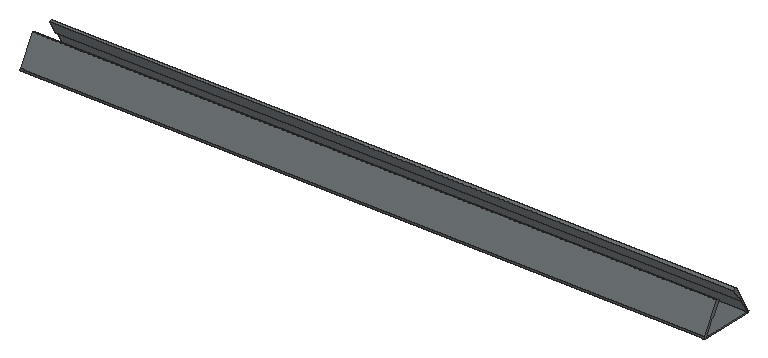
Revit family "BIMLIB_ПланкаСтыковочнаяСоставнаяНижняя_GRANDLINE", category Обобщенные модели, Revit 2017
Family settings
  Может служить основой для арматурных стержней = Нет
  Размер круглого соединителя = Использовать диаметр
  Тип детали = Нормальный
  При загрузке вырезать с полостями = Нет
  Общий = Нет
  Точка расчета площади = Нет
Parameters (values of type "Планка стыковочная")
  Смещение от плоскости [instance] = 0 mm
  Описание = ADSK_Наименование  # "Планка стыковочная составная нижняя"
  Изготовитель = "Grand Line"  # constant formula
  built-in parameter 1001306 [instance] = 500 mm
  Watermark [instance] = "Модели защищены уникальным кодом"
  URL = "https://www.grandline.ru"
  BL_Разработано = "support@bimlib.pro"
  BL_Email = "info@grandline.ru"
  BL_BIM library = "https://bimlib.pro/manufacturer/company/22430"
  ADSK_Размер_Длина [instance] = [built-in parameter 1001306]  # 500 mm
  ADSK_Обозначение = "ГОСТ 19904-90, ГОСТ 14918-80"
  ADSK_Наименование = "Планка стыковочная составная нижняя"
  ADSK_Материал тип подсчета = 1  # constant formula
  ADSK_Материал = GL_Drap_RAL7016
  ADSK_Масса_Текст [instance] = ""
  ADSK_Масса [instance] = 0
  ADSK_Марка = ""
  ADSK_Количество [instance] = if(ADSK_Материал тип подсчета = 0, 1, if(ADSK_Материал тип подсчета = 1, ADSK_Размер_Длина / 1000 mm, 0))  # 0.5
  ADSK_Код изделия = "M12.108.02"  # constant formula
  ADSK_Завод-изготовитель = "Grand Line"  # constant formula
  ADSK_Единица измерения = "м"  # constant formula
  ADSK_Группирование = "Доборные элементы"  # constant formula
  ADSK_Версия Revit = "2017"  # constant formula
  ADSK_URL страницы изделия = "https://www.grandline.ru/planka-stykovochnaya-sostavnaya-nizhnyaya-0-45-pe-foil-ral-1014-60917.html"
  ADSK_URL документации изделия = "https://www.grandline.ru/uploads/files/met_siding/BH/dobor/Planka_stikovochnaya_nizhnaya.jpg"
Reference planes
  plane 1 "По центру (Вперед/Назад)": y = 0
  plane 2: z = 0
  plane 3 "Слева": x = 0
  plane 4 "Справа": x = 500
Forms (mm)
  Sweep 1, solid, material "GL_Drap_RAL7016" <- "ADSK_Материал"
    path in 3D
      loop
        line (0, 0, 0) -> (500, 0, 0)
    profile "Профиль_ПланкаСтыковочнаяСоставнаяНижняя : Профиль" origin (250, 0, 0) x (0, 1, 0) y (0, 0, 1)
      loop
        arc (19.193, 0) -> (19.892, 0.404) -> (19.892, 1.211) r 0.807
        line (19.892, 1.211) -> (8.591, 20.785) -> (7.205, 19.985) -> (12.705, 10.458) -> (13.398, 10.858) -> (19.205, 0.8) -> (-19.205, 0.8) -> (-13.398, 10.858) -> (-12.705, 10.458) -> (-7.205, 19.985) -> (-8.591, 20.785) -> (-19.892, 1.211)
        arc (-19.892, 1.211) -> (-19.892, 0.404) -> (-19.193, 0) r 0.807
        line (-19.193, 0) -> (19.193, 0)
Lines and regions (mm)
  reference lines
    curve 1: line (0, 0, 0) -> (500, 0, 0)
  sketch lines
    curve 2: line (0, 0, 0) -> (500, 0, 0)
Dimensions and locks
  "built-in parameter 1001306": plane 3 "Слева" to plane 4 "Справа"
  aligned and locked: plane 4 "Справа" to curve 1
  aligned and locked: plane 1 "По центру (Вперед/Назад)" to curve 1
  aligned and locked: plane 3 "Слева" to curve 1
  aligned and locked: level to plane 2
